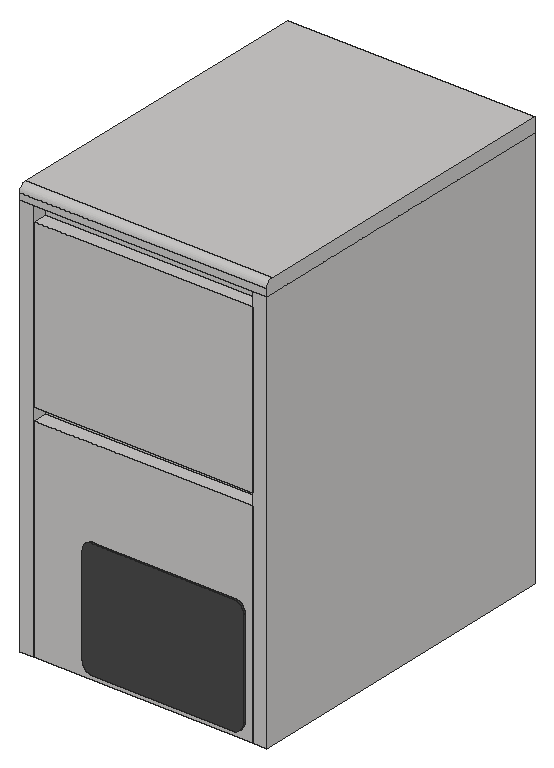
Revit family "QF_ELECTROLUXPROFESSIONAL_730338_ICA22I6SNPUK", category Attrezzature speciali, Revit 2018
Family settings
  Quota connettore circolare = Usa diametro
  Tipo di parte = Normale
  Basato su piano di lavoro = No
  Sempre verticale = Sì
  Taglio con vuoti quando caricato = No
  Condiviso = No
  Punto di calcolo locali = No
Parameters (values of type "Standard")
  Weight = 32.00 kg
  Watts = 0 W
  Volts = 230 V
  URL Manufacturer = "https://www.electroluxprofessional.com/"
  URL = "https://www.electroluxprofessional.com/"
  Steam Supply Size = 0 mm
  Steam Supply Minimum Pressure = 0.0 Pa
  Steam Supply Maximum Pressure = 0.0 Pa
  Steam Pounds per Hour = 0
  Show Logo [instance] = yes
  Show Clearance [instance] = yes
  Refrigeration Suction Line Size = 0 mm
  Refrigeration Liquid Line Size = 0 mm
  Refrigerant Compressor Remote = yes
  Produttore = "Electrolux Professional"
  Phase = 1
  Modello = "ICA22I6SNPUK"
  Length Actual = 350 mm  # constant formula
  Item Number = "730338"
  Hot Water Size = 0 mm
  Height Actual = 601 mm  # constant formula
  HP = "0 HP"
  Gas Size = 0 mm
  Gas KW = 0
  Gas Input Pressure = 0 W
  Descrizione = "AIR COOLED ICE CUBER 22GR 22KG/24H-BIN 6KG - UK"
  Depth Actual = 475 mm  # constant formula
  Cycle = 50 Hz
  Condensate Return Size = 0 mm
  Compressed Air Volume = 0.0 L/s
  Compressed Air Size = 0 mm
  Compressed Air Pressure = 0.0 Pa
  Cold Water Size = 19.05 mm
  Accessory = yes
Reference planes
  plane 1 "Center X": y = 272.851
  plane 2: z = 0
  plane 3 "Center Y": x = -501.5
  plane 4 "LEFT": x = -676.5
  plane 5 "RIGHT": x = -326.5
  plane 6 "FRONT": y = 35.351
  plane 7 "BACK": y = 510.351
  plane 8: z = 593
  plane 9: z = 573
  plane 10: x = -656.5
  plane 11: x = -346.5
  plane 12: y = 75.351
Forms (mm)
  Extrusion 1, solid, material "QF_Finishes_Black"
    sketch origin (-202.5, 35.351, 229.513) x (-1, 0, 0) y (0, 0, -1)
      loop
        arc (369, 54.513) -> (379.607, 58.907) -> (384, 69.513) r 15
        line (384, 69.513) -> (384, 207.469)
        arc (384, 207.469) -> (379.607, 218.075) -> (369, 222.469) r 15
        line (369, 222.469) -> (169.884, 222.469)
        arc (169.884, 222.469) -> (159.277, 218.075) -> (154.884, 207.469) r 15
        line (154.884, 207.469) -> (154.884, 69.513)
        arc (154.884, 69.513) -> (159.277, 58.907) -> (169.884, 54.513) r 15
        line (169.884, 54.513) -> (369, 54.513)
    from 0 to 2
  Extrusion 2, solid, material "QF_Finishes_Stainless Steel"
    sketch origin (-501.5, 0, 0) x (0, 1, 0) y (0, 0, 1)
      loop
        line (510.351, 573) -> (510.351, 593) -> (45.351, 593)
        arc (45.351, 593) -> (38.28, 590.071) -> (35.351, 583) r 10
        line (35.351, 583) -> (35.351, 573) -> (510.351, 573)
    from -175 to 175
  Extrusion 3, solid, material "QF_Finishes_Stainless Steel"
    sketch origin (-246.7, 510.351, -335.545) x (1, 0, 0) y (0, 0, -1)
      loop
        circle (-131.8, -500.545) r 10
    from 0 to 10
  Extrusion 4, solid, material "QF_Finishes_Stainless Steel"
    sketch origin (0, 0, 0) x (1, 0, 0) y (0, 1, 0)
      loop
        line (-676.5, 510.351) -> (-676.5, 35.351) -> (-656.5, 35.351) -> (-656.5, 510.351) -> (-676.5, 510.351)
    from 0 to 573
  Extrusion 5, solid, material "QF_Finishes_Stainless Steel"
    sketch origin (0, 0, 0) x (1, 0, 0) y (0, 1, 0)
      loop
        line (-346.5, 510.351) -> (-346.5, 35.351) -> (-326.5, 35.351) -> (-326.5, 510.351) -> (-346.5, 510.351)
    from 0 to 573
  Extrusion 6, solid, material "QF_Finishes_Stainless Steel"
    sketch origin (0, 0, 0) x (1, 0, 0) y (0, 1, 0)
      loop
        line (-656.5, 510.351) -> (-656.5, 75.351) -> (-346.5, 75.351) -> (-346.5, 510.351) -> (-656.5, 510.351)
    from 0 to 573
  Extrusion 7, solid, material "QF_Finishes_Stainless Steel"
    sketch origin (0, 0, 0) x (1, 0, 0) y (0, 1, 0)
      loop
        line (-656.5, 35.351) -> (-346.5, 35.351) -> (-346.5, 75.351) -> (-656.5, 75.351) -> (-656.5, 35.351)
    from 0 to 300.513
  Extrusion 8, solid, material "QF_Finishes_Stainless Steel"
    sketch origin (-501.5, 0, 0) x (0, 1, 0) y (0, 0, 1)
      loop
        line (75.351, 573) -> (55.351, 573) -> (55.351, 553) -> (35.351, 553) -> (35.351, 317.827) -> (55.351, 317.827) -> (55.351, 300.513) -> (75.351, 300.513) -> (75.351, 573)
    from -155 to 155
  Extrusion 9, solid, material "QF_Finishes_Stainless Steel"
    sketch origin (-238.7, 510.351, -454.545) x (1, 0, 0) y (0, 0, -1)
      loop
        circle (-131.8, -500.545) r 10
    from 0 to 10
  Extrusion 10, solid, material "QF_Finishes_Stainless Steel"
    sketch origin (-238.7, 510.351, -414.545) x (1, 0, 0) y (0, 0, -1)
      loop
        circle (-131.8, -500.545) r 10
    from 0 to 10
Lines and regions (mm)
  Split face 1
    outline origin (-656.5, 35.351, 0) x (1, 0, 0) y (0, 0, 1)
      loop
        line (12.141, 175) -> (12.141, 147.424) -> (57.141, 147.424) -> (57.141, 175) -> (12.141, 175)
  symbolic lines
    curve 1: line (-676.5, 510.351, 0) -> (-326.5, 510.351, 0)
    curve 2: line (-676.5, 35.351, 0) -> (-676.5, 510.351, 0)
    curve 3: line (-326.5, 35.351, 0) -> (-676.5, 35.351, 0)
    curve 4: line (-326.5, 510.351, 0) -> (-326.5, 35.351, 0)
Dimensions and locks
  equal spacing: plane 4 "LEFT", plane 3 "Center Y", plane 5 "RIGHT"
  plane 4 "LEFT" to plane 5 "RIGHT" = 350 mm
  equal spacing: plane 7 "BACK", plane 1 "Center X", plane 6 "FRONT"
  plane 7 "BACK" to plane 6 "FRONT" = 475 mm
  plane 8 to plane 2 = 593 mm
  locked: plane 4 "LEFT" to plane 10 at 20
  locked: plane 11 to plane 5 "RIGHT" at 20
  locked: plane 8 to plane 9 at 20
  locked: plane 12 to plane 6 "FRONT" at 40
  aligned and locked: level to plane 2
  aligned and locked: plane 5 "RIGHT" to Extrusion 2
  aligned and locked: Extrusion 2 to plane 4 "LEFT"
  aligned and locked: Extrusion 4 sketch curve to Extrusion 2  (x2)
  aligned and locked: plane 6 "FRONT" to Extrusion 4 sketch curve
  aligned and locked: Extrusion 4 sketch curve to plane 10
  aligned and locked: Extrusion 5 sketch curve to plane 7 "BACK"
  aligned and locked: plane 11 to Extrusion 5 sketch curve
  aligned and locked: Extrusion 5 sketch curve to Extrusion 2  (x2)
  aligned and locked: plane 9 to Extrusion 4
  aligned and locked: plane 9 to Extrusion 5
  aligned and locked: Extrusion 6 sketch curve to Extrusion 4
  aligned and locked: Extrusion 4 to Extrusion 6 sketch curve
  aligned and locked: plane 12 to Extrusion 6 sketch curve
  aligned and locked: Extrusion 6 sketch curve to plane 11
  aligned and locked: plane 9 to Extrusion 6
  aligned and locked: Extrusion 4 to Extrusion 7 sketch curve
  aligned and locked: Extrusion 7 sketch curve to Extrusion 4
  aligned and locked: plane 12 to Extrusion 7 sketch curve
  aligned and locked: plane 11 to Extrusion 7 sketch curve
  aligned and locked: plane 11 to Extrusion 8
  aligned and locked: Extrusion 8 to plane 10
Automatic sketch dimensions
  curve 3 to plane 4 "LEFT" = 0 mm
  curve 3 to plane 5 "RIGHT" = 0 mm
  curve 3 to plane 6 "FRONT" = 0 mm
  curve 2 to plane 7 "BACK" = 0 mm
  Extrusion 1 sketch curve to plane 11 = 10.884 mm
  Extrusion 1 sketch curve to Extrusion 1 sketch curve = 15 mm  (x3)
  plane 10 to Extrusion 1 sketch curve = 85 mm  (x2)
  Extrusion 1 sketch curve to Extrusion 1 sketch curve = 137.956 mm
  Extrusion 2 sketch curve to plane 6 "FRONT" = 0 mm
  Extrusion 2 sketch curve to plane 8 = 0 mm
  Extrusion 2 sketch curve to plane 7 "BACK" = 0 mm
  Extrusion 2 sketch curve to plane 9 = 0 mm
  plane 6 "FRONT" to Extrusion 2 sketch curve = 10 mm
  Extrusion 6 to Extrusion 3 sketch curve = 165 mm
  Extrusion 3 sketch curve to Extrusion 6 = 32 mm
  Extrusion 8 sketch curve to plane 6 "FRONT" = 0 mm
  Extrusion 8 sketch curve to plane 9 = 0 mm
  Extrusion 8 sketch curve to plane 12 = 0 mm
  plane 6 "FRONT" to Extrusion 8 sketch curve = 20 mm  (x2)
  Extrusion 8 sketch curve to plane 9 = 20 mm
  Extrusion 8 sketch curve to Extrusion 8 sketch curve = 235.173 mm
  Extrusion 8 sketch curve to Extrusion 8 sketch curve = 17.313 mm
  Extrusion 9 sketch curve to Extrusion 6 = 24 mm
  Extrusion 6 to Extrusion 9 sketch curve = 46 mm
  Extrusion 10 sketch curve to Extrusion 6 = 24 mm
  Extrusion 6 to Extrusion 10 sketch curve = 86 mm
  level to Extrusion 1 sketch curve = 175 mm
  Split face 1 sketch curve to Extrusion 7 = 12.141 mm
  Split face 1 sketch curve to Split face 1 sketch curve = 45 mm
  Split face 1 sketch curve to Extrusion 7 = 147.424 mm
  Split face 1 sketch curve to Split face 1 sketch curve = 27.576 mm
  radius of Extrusion 3 sketch curve = 10 mm
  radius of Extrusion 9 sketch curve = 10 mm
  radius of Extrusion 10 sketch curve = 10 mm
Connectors
  electrical at (-370.5, 520.351, 46), driven by "Volts"
    settings: on Extrusion 9, index 1, voltage 230 V, apparent load 0 VA, apparent load phase1 0 VA, apparent load phase2 0 VA, apparent load phase3 0 VA, power factor 1, load classification "Altro", number of poles 1, system type 30, power factor state 1, is connector primary yes, connector utility no, sub classification motor no, connector description "Electrical Connection"
  piping at (-378.5, 520.351, 165), diameter 20
    settings: on Extrusion 3, index 2, connector inside diameter 609.6 mm, connector length 0 mm, flow factor 0, pipe flow 0.0 L/s, pressure drop 0.0 Pa, fitting loss kfactor 0, connector angle 0.00°, fixture units 0, engagement length 0 mm, angle of deflection 0.00°, flow configuration 0, flow direction 0, fitting loss method 0, system type 20, joint type 0, gender type 0, connector reference index -1, connector utility 0, adjustable connector no, is connector primary yes, connector description "Cold water"
  piping at (-370.5, 520.351, 86), diameter 20
    settings: on Extrusion 10, index 3, connector inside diameter 609.6 mm, connector length 0 mm, flow factor 0, pipe flow 0.0 L/s, pressure drop 0.0 Pa, fitting loss kfactor 0, connector angle 0.00°, fixture units 0, engagement length 0 mm, angle of deflection 0.00°, flow configuration 0, flow direction 0, fitting loss method 0, system type 16, joint type 0, gender type 0, connector reference index -1, connector utility 0, adjustable connector no, is connector primary no, connector description "Drain"
